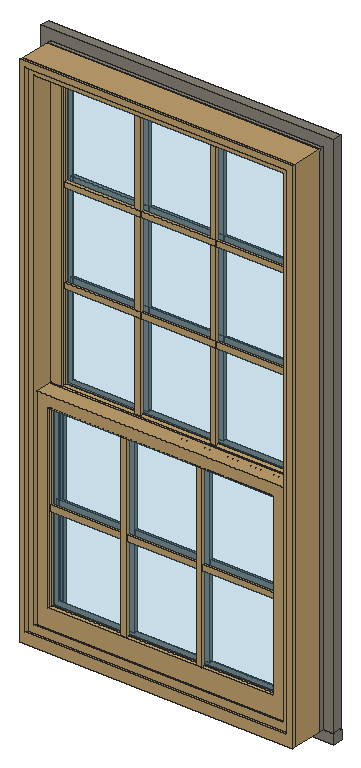
Revit family (continued)
Definition of nested family "Double_Hung_Plan_Detail"
  Dimensions and locks (in)
    aligned and locked: curve 7 to nested 2
    aligned and locked: curve 8 to nested 2
    aligned and locked: nested 2 to curve 7
    aligned and locked: nested 1 to curve 7
    aligned and locked: nested 2 to curve 8
    aligned and locked: nested 1 to curve 8
    aligned and locked: nested 2 to curve 9  (x2)
  Automatic sketch dimensions
    curve 5 to curve 7 = 0' - 0"
    curve 6 to curve 8 = 0' - 0"
    curve 2 to curve 4 = 0' - 0"
    curve 1 to curve 3 = 0' - 0"
    curve 1 to curve 9 = 0' - 0.93714"
  Nested families (in)
    nested 1: "Jamb" at (17.6875, 0, 0) x (-1, 0, 0) z (0, 0, 1), type "Jamb", in view "Ref. Level"
    nested 2: "Jamb" at (-17.6875, 0, 0), type "Jamb", in view "Ref. Level"
  Definition of nested family "Jamb"
    Parameters (values of type "Jamb")
      Flange Visibility = not(Casing)  # no
      Casing = yes
      Assembly Code = ""
    Reference planes (in)
      plane 1 "Center (Front/Back)": y = 0
      plane 2: z = 0
      plane 3 "Center (Left/Right)": x = 0
    Lines and regions (in)
      detail lines, style "Cut Lines", in view "Ref. Level"
        curve 1: line (0, -1.09375, 0) -> (0, 4.5625, 0)
        curve 2: line (1.5, 4.5625, 0) -> (0, 4.5625, 0)
        curve 3: line (1.5, 0.125, 0) -> (1.5, 4.5625, 0)
        curve 4: line (1.78125, 0.125, 0) -> (1.5, 0.125, 0)
        curve 5: line (1.78125, -0.21875, 0) -> (1.78125, 0.125, 0)
        curve 6: line (0.59375, -1.09375, 0) -> (0.66381, -0.625, 0)
        curve 7: line (0, -1.09375, 0) -> (0.59375, -1.09375, 0)
        curve 8: line (1.59375, 1.96875, 0) -> (1.59375, 0.21875, 0)
        curve 9: line (3.0625, 0.21875, 0) -> (1.59375, 0.21875, 0)
        curve 10: line (3.0625, 0.36988, 0) -> (3.0625, 0.21875, 0)
        curve 11: line (3.25, 0.52655, 0) -> (3.0625, 0.36988, 0)
        curve 12: line (2.5, 0.5625, 0) -> (3.25, 0.5625, 0)
        curve 13: line (2.5, 1.53125, 0) -> (2.5, 0.5625, 0)
        curve 14: line (3.25, 1.53125, 0) -> (2.5, 1.53125, 0)
        curve 15: line (3.25, 1.68282, 0) -> (3.25, 1.53125, 0)
        curve 16: line (3.03099, 1.96875, 0) -> (3.03099, 1.90183, 0)
        curve 17: line (1.59375, 1.96875, 0) -> (3.03099, 1.96875, 0)
        curve 18: line (3.25, 0.5625, 0) -> (3.25, 0.52655, 0)
        curve 19: line (3.03099, 1.90183, 0) -> (3.25, 1.68282, 0)
        curve 20: line (2.625, 1.48438, 0) -> (2.625, 0.60937, 0)
        curve 21: line (2.9375, 1.35937, 0) -> (2.9375, 0.73438, 0)
        curve 27: line (1.49386, -0.625, 0) -> (0.66381, -0.625, 0)
        curve 28: line (1.49386, -0.39825, 0) -> (1.49386, -0.625, 0)
        curve 29: line (1.61586, -0.39825, 0) -> (1.49386, -0.39825, 0)
        curve 30: line (1.68786, -0.35, 0) -> (1.68786, -0.601, 0)
        curve 31: line (1.61586, -0.601, 0) -> (1.61586, -0.39825, 0)
        curve 32: line (1.61586, -0.601, 0) -> (1.68786, -0.601, 0)
        curve 33: line (1.59786, -0.21875, 0) -> (1.59786, -0.35, 0)
        curve 34: line (1.59786, -0.35, 0) -> (1.68786, -0.35, 0)
        curve 35: line (0.9375, -0.625, 0) -> (0.9375, -0.21875, 0)
        curve 36: line (0.9375, -0.21875, 0) -> (1.78125, -0.21875, 0)
        curve 37: line (1.59375, 4.21875, 0) -> (1.59375, 2.46875, 0)
        curve 38: line (3.0625, 2.46875, 0) -> (1.59375, 2.46875, 0)
        curve 39: line (3.0625, 2.61988, 0) -> (3.0625, 2.46875, 0)
        curve 40: line (3.25, 2.77655, 0) -> (3.0625, 2.61988, 0)
        curve 41: line (2.5, 2.8125, 0) -> (3.25, 2.8125, 0)
        curve 42: line (2.5, 3.78125, 0) -> (2.5, 2.8125, 0)
        curve 43: line (3.25, 3.78125, 0) -> (2.5, 3.78125, 0)
        curve 44: line (3.25, 3.93282, 0) -> (3.25, 3.78125, 0)
        curve 45: line (3.03099, 4.21875, 0) -> (3.03099, 4.15183, 0)
        curve 46: line (1.59375, 4.21875, 0) -> (3.03099, 4.21875, 0)
        curve 47: line (3.25, 2.8125, 0) -> (3.25, 2.77655, 0)
        curve 48: line (3.03099, 4.15183, 0) -> (3.25, 3.93282, 0)
        curve 49: line (2.625, 3.73438, 0) -> (2.625, 2.85938, 0)
        curve 50: line (2.9375, 3.60937, 0) -> (2.9375, 2.98438, 0)
      detail lines, style "Cut Lines", in view "Ref. Level", visible <- "Flange Visibility"
        curve 22: line (-1.5, 0, 0) -> (-0.15, 0, 0)
        curve 23: line (0, -0.04501, 0) -> (-1.5, -0.04501, 0)
        curve 24: line (-1.5, -0.04501, 0) -> (-1.5, 0, 0)
        curve 25: line (-0.15, 0.10999, 0) -> (0, 0.10999, 0)
        curve 26: line (-0.15, 0, 0) -> (-0.15, 0.10999, 0)
Definition of nested family "Double_Hung_Section_Detail"
  Parameters (values of type "Double_Hung_Section_Detail")
    Subsill Visibility = yes
    Height = 5' - 3 1/2"
    DLO Height Top Sash = 2' - 2 3/4"
    Casing Visibility = yes
    Assembly Code = ""
  Reference planes (in)
    plane 1: z = 0
    plane 2 "Center (Left/Right)": x = 0
    plane 3: y = 31.75
    plane 4: y = 28.53125
    plane 5: y = -31.75
    plane 6: y = -26.90625
    plane 7: y = 1.78125
    plane 8: y = -0.15625
    plane 9: y = 0.8125
  Lines and regions (in)
    detail lines, style "Cut Lines", in view "Ref. Level"
      curve 1: line (-1.48438, 1.15625, 0) -> (-1.48438, 29.15625, 0)
      curve 2: line (-0.60938, 1.15625, 0) -> (-0.60938, 29.15625, 0)
      curve 3: line (-1.35938, 1.15625, 0) -> (-1.35938, 29.15625, 0)
      curve 4: line (-0.73438, 1.15625, 0) -> (-0.73438, 29.15625, 0)
      curve 5: line (-3.73437, -27.53125, 0) -> (-3.73437, 0.46875, 0)
      curve 6: line (-2.85937, -27.53125, 0) -> (-2.85937, 0.46875, 0)
      curve 7: line (-3.60937, -27.53125, 0) -> (-3.60937, 0.46875, 0)
      curve 8: line (-2.98437, -27.53125, 0) -> (-2.98437, 0.46875, 0)
    detail lines, style "DetailComponentsHiddenLines", in view "Ref. Level"
      curve 9: line (0.601, -30.21839, 0) -> (0.601, 30.06214, 0)
  Dimensions and locks (in)
    plane 3 to plane 4 = 0' - 3 7/32"
    plane 5 to plane 6 = 0' - 4 27/32"
    "Height": plane 3 to plane 5
    "DLO Height Top Sash": plane 4 to plane 7
    plane 8 to plane 9 to plane 7 = 0' - 0 31/32" locked, 0' - 0 31/32" locked
    aligned and locked: plane 2 "Center (Left/Right)" to nested 1
    aligned and locked: nested 1 to plane 5
    aligned and locked: plane 2 "Center (Left/Right)" to nested 2
    aligned and locked: plane 3 to nested 2
    aligned and locked: plane 2 "Center (Left/Right)" to nested 3
    aligned and locked: curve 1 to nested 3  (x2)
    aligned and locked: nested 3 to curve 2
    aligned and locked: curve 2 to nested 3
    aligned and locked: curve 3 to nested 3
    aligned and locked: nested 2 to curve 3
    aligned and locked: nested 3 to curve 3
    aligned and locked: curve 4 to nested 3
    aligned and locked: nested 2 to curve 4
    aligned and locked: nested 3 to curve 4
    aligned and locked: curve 5 to nested 1  (x2)
    aligned and locked: nested 1 to curve 6
    aligned and locked: curve 6 to nested 1
    aligned and locked: curve 7 to nested 1
    aligned and locked: curve 8 to nested 1
    aligned and locked: nested 3 to curve 7
    aligned and locked: nested 1 to curve 7
    aligned and locked: nested 1 to curve 8
    aligned and locked: nested 3 to curve 8
    aligned and locked: nested 1 to curve 9  (x2)
    aligned and locked: nested 3 to plane 9
  Automatic sketch dimensions
    curve 4 to curve 2 = 0' - 0 1/8"
    curve 5 to curve 7 = 0' - 0"
    curve 6 to curve 8 = 0' - 0"
    curve 2 to curve 4 = 0' - 0"
    curve 1 to curve 3 = 0' - 0"
    curve 2 to curve 9 = 0' - 0.90589"
  Nested families (in)
    nested 1: "Sill" at (0, -31.75, 0) x (-1, 0, 0) z (0, 0, 1), type "Sill", in view "Ref. Level"
    nested 2: "Head" at (0, 31.75, 0) x (-1, 0, 0) z (0, 0, 1), type "Head", in view "Ref. Level"
    nested 3: "Checkrail" at (0, 0.8125, 0) x (-1, 0, 0) z (0, 0, 1), type "Checkrail", in view "Ref. Level"
  Definition of nested family "Sill"
    Parameters (values of type "Jamb")
      Flange Visibility = not(Casing)  # no
      Casing = yes
      Assembly Code = ""
    Reference planes (in)
      plane 1 "Center (Front/Back)": y = 0
      plane 2: z = 0
      plane 3 "Center (Left/Right)": x = 0
    Lines and regions (in)
      detail lines, style "Cut Lines", in view "Ref. Level"
        curve 1: line (-1.09375, 0, 0) -> (4.5625, 0, 0)
        curve 2: line (4.5625, 2.22769, 0) -> (4.5625, 0, 0)
        curve 3: line (3.3125, 1.6875, 0) -> (4.3125, 1.6875, 0)
        curve 4: line (-1.09375, 0.59375, 0) -> (-0.23437, 0.72218, 0)
        curve 5: line (-1.09375, 0, 0) -> (-1.09375, 0.59375, 0)
        curve 6: line (-0.625, 1.33761, 0) -> (-0.625, 0.78125, 0)
        curve 7: line (-0.39825, 1.33761, 0) -> (-0.625, 1.33761, 0)
        curve 8: line (-0.39825, 1.45961, 0) -> (-0.39825, 1.33761, 0)
        curve 9: line (-0.35, 1.53161, 0) -> (-0.601, 1.53161, 0)
        curve 10: line (-0.601, 1.45961, 0) -> (-0.39825, 1.45961, 0)
        curve 11: line (-0.601, 1.45961, 0) -> (-0.601, 1.53161, 0)
        curve 12: line (-0.25, 1.44161, 0) -> (-0.35, 1.44161, 0)
        curve 13: line (-0.35, 1.44161, 0) -> (-0.35, 1.53161, 0)
        curve 14: line (-0.625, 0.78125, 0) -> (-0.25, 0.78125, 0)
        curve 15: line (-0.25, 0.78125, 0) -> (-0.25, 1.44161, 0)
        curve 16: line (4.21875, 1.90625, 0) -> (2.71875, 1.90625, 0)
        curve 17: line (2.46875, 4.65625, 0) -> (2.46875, 1.55765, 0)
        curve 18: line (2.61988, 4.65625, 0) -> (2.46875, 4.65625, 0)
        curve 19: line (2.77655, 4.84375, 0) -> (2.61988, 4.65625, 0)
        curve 20: line (2.8125, 4.09375, 0) -> (2.8125, 4.84375, 0)
        curve 21: line (3.78125, 4.09375, 0) -> (2.8125, 4.09375, 0)
        curve 22: line (3.78125, 4.84375, 0) -> (3.78125, 4.09375, 0)
        curve 23: line (3.93282, 4.84375, 0) -> (3.78125, 4.84375, 0)
        curve 24: line (4.21875, 4.62474, 0) -> (4.15183, 4.62474, 0)
        curve 25: line (4.21875, 1.90625, 0) -> (4.21875, 4.62474, 0)
        curve 26: line (2.8125, 4.84375, 0) -> (2.77655, 4.84375, 0)
        curve 27: line (4.15183, 4.62474, 0) -> (3.93282, 4.84375, 0)
        curve 28: line (3.73438, 4.21875, 0) -> (2.85938, 4.21875, 0)
        curve 29: line (3.60938, 4.53125, 0) -> (2.98438, 4.53125, 0)
        curve 35: line (4.5625, 2.22769, 0) -> (4.3125, 2.22769, 0)
        curve 36: line (4.3125, 2.22769, 0) -> (4.3125, 1.6875, 0)
        curve 37: line (3.3125, 1.6875, 0) -> (-0.23437, 0.80316, 0)
        curve 38: line (-0.23437, 0.80316, 0) -> (-0.23437, 0.72218, 0)
        curve 39: line (2.46875, 1.55765, 0) -> (2.71875, 1.61998, 0)
        curve 40: line (2.71875, 1.90625, 0) -> (2.71875, 1.61998, 0)
      detail lines, style "Cut Lines", in view "Ref. Level", visible <- "Flange Visibility"
        curve 30: line (-0.04501, -1.25, 0) -> (-0.04501, -0.04688, 0)
        curve 31: line (0, 0, 0) -> (0, -1.25, 0)
        curve 32: line (0, -1.25, 0) -> (-0.04501, -1.25, 0)
        curve 33: line (-0.28125, -0.04688, 0) -> (-0.28125, 0, 0)
        curve 34: line (-0.04501, -0.04688, 0) -> (-0.28125, -0.04688, 0)
  Definition of nested family "Head"
    Parameters (values of type "Head")
      Flange Visibility = not(Casing)  # no
      Casing = yes
      Assembly Code = ""
    Reference planes (in)
      plane 1 "Center (Front/Back)": y = 0
      plane 2: z = 0
      plane 3 "Center (Left/Right)": x = 0
    Lines and regions (in)
      detail lines, style "Cut Lines", in view "Ref. Level"
        curve 1: line (-1.09375, 0, 0) -> (4.5625, 0, 0)
        curve 2: line (4.5625, -0.68686, 0) -> (4.5625, 0, 0)
        curve 3: line (2.06079, -1.5, 0) -> (2.68579, -1.5, 0)
        curve 4: line (0.125, -1.78125, 0) -> (0.125, -1.375, 0)
        curve 5: line (-0.21875, -1.78125, 0) -> (0.125, -1.78125, 0)
        curve 6: line (-1.09375, -0.59375, 0) -> (-0.625, -0.66381, 0)
        curve 7: line (-1.09375, 0, 0) -> (-1.09375, -0.59375, 0)
        curve 8: line (0.75049, -1.5625, 0) -> (0.21875, -1.5625, 0)
        curve 9: line (0.21875, -3.03125, 0) -> (0.21875, -1.5625, 0)
        curve 10: line (0.36988, -3.03125, 0) -> (0.21875, -3.03125, 0)
        curve 11: line (0.52655, -3.21875, 0) -> (0.36988, -3.03125, 0)
        curve 12: line (0.5625, -2.46875, 0) -> (0.5625, -3.21875, 0)
        curve 13: line (1.53125, -2.46875, 0) -> (0.5625, -2.46875, 0)
        curve 14: line (1.53125, -3.21875, 0) -> (1.53125, -2.46875, 0)
        curve 15: line (1.68282, -3.21875, 0) -> (1.53125, -3.21875, 0)
        curve 16: line (1.96875, -2.99974, 0) -> (1.90183, -2.99974, 0)
        curve 17: line (1.96875, -0.81212, 0) -> (1.96875, -2.99974, 0)
        curve 18: line (0.5625, -3.21875, 0) -> (0.52655, -3.21875, 0)
        curve 19: line (1.90183, -2.99974, 0) -> (1.68282, -3.21875, 0)
        curve 20: line (1.48438, -2.59375, 0) -> (0.60938, -2.59375, 0)
        curve 21: line (1.35938, -2.90625, 0) -> (0.73438, -2.90625, 0)
        curve 27: line (-0.625, -1.49386, 0) -> (-0.625, -0.66381, 0)
        curve 28: line (-0.39825, -1.49386, 0) -> (-0.625, -1.49386, 0)
        curve 29: line (-0.39825, -1.61586, 0) -> (-0.39825, -1.49386, 0)
        curve 30: line (-0.35, -1.68786, 0) -> (-0.601, -1.68786, 0)
        curve 31: line (-0.601, -1.61586, 0) -> (-0.39825, -1.61586, 0)
        curve 32: line (-0.601, -1.61586, 0) -> (-0.601, -1.68786, 0)
        curve 33: line (-0.21875, -1.59786, 0) -> (-0.35, -1.59786, 0)
        curve 34: line (-0.35, -1.59786, 0) -> (-0.35, -1.68786, 0)
        curve 35: line (-0.625, -0.9375, 0) -> (-0.21875, -0.9375, 0)
        curve 36: line (-0.21875, -0.9375, 0) -> (-0.21875, -1.78125, 0)
        curve 37: line (4.5625, -0.68686, 0) -> (2.68579, -0.68686, 0)
        curve 38: line (2.68579, -0.68686, 0) -> (2.68579, -1.5, 0)
        curve 39: line (2.06079, -0.68686, 0) -> (0.21875, -0.68686, 0)
        curve 40: line (2.06079, -0.68686, 0) -> (2.06079, -1.5, 0)
        curve 41: line (0.21875, -0.68686, 0) -> (0.21875, -1.1875, 0)
        curve 42: line (0.29688, -1.375, 0) -> (0.125, -1.375, 0)
        curve 43: line (1.96875, -0.81212, 0) -> (0.87453, -0.81212, 0)
        curve 44: line (0.87453, -0.81212, 0) -> (0.87453, -1.25087, 0)
        curve 45: line (0.87453, -1.25087, 0) -> (0.75049, -1.51688, 0)
        curve 46: line (0.75049, -1.51688, 0) -> (0.75049, -1.5625, 0)
        curve 47: line (0.29688, -1.1875, 0) -> (0.29688, -1.375, 0)
        curve 48: line (0.21875, -1.1875, 0) -> (0.29688, -1.1875, 0)
      detail lines, style "Cut Lines", in view "Ref. Level", visible <- "Flange Visibility"
        curve 22: line (0, 1.5, 0) -> (0, 0.15, 0)
        curve 23: line (-0.04501, 0, 0) -> (-0.04501, 1.5, 0)
        curve 24: line (-0.04501, 1.5, 0) -> (0, 1.5, 0)
        curve 25: line (0.10999, 0.15, 0) -> (0.10999, 0, 0)
        curve 26: line (0, 0.15, 0) -> (0.10999, 0.15, 0)
  Definition of nested family "Checkrail"
    Parameters (values of type "Jamb")
      Flange Visibility = not(Casing)  # no
      Casing = yes
      Assembly Code = ""
    Reference planes (in)
      plane 1 "Center (Front/Back)": y = 0
      plane 2: z = 0
      plane 3 "Center (Left/Right)": x = 0
    Lines and regions (in)
      detail lines, style "Cut Lines", in view "Ref. Level"
        curve 1: line (4.21875, 0.75, 0) -> (2.1875, 0.75, 0)
        curve 2: line (2.46875, -0.78125, 0) -> (2.46875, -0.34375, 0)
        curve 3: line (2.61988, -0.78125, 0) -> (2.46875, -0.78125, 0)
        curve 4: line (2.77655, -0.96875, 0) -> (2.61988, -0.78125, 0)
        curve 5: line (2.8125, -0.21875, 0) -> (2.8125, -0.96875, 0)
        curve 6: line (3.78125, -0.21875, 0) -> (2.8125, -0.21875, 0)
        curve 7: line (3.78125, -0.96875, 0) -> (3.78125, -0.21875, 0)
        curve 8: line (3.93282, -0.96875, 0) -> (3.78125, -0.96875, 0)
        curve 9: line (4.21875, -0.74974, 0) -> (4.15183, -0.74974, 0)
        curve 10: line (4.21875, 0.75, 0) -> (4.21875, -0.74974, 0)
        curve 11: line (2.8125, -0.96875, 0) -> (2.77655, -0.96875, 0)
        curve 12: line (4.15183, -0.74974, 0) -> (3.93282, -0.96875, 0)
        curve 13: line (3.73438, -0.34375, 0) -> (2.85938, -0.34375, 0)
        curve 14: line (3.60938, -0.65625, 0) -> (2.98438, -0.65625, 0)
        curve 15: line (2.35938, -0.78125, 0) -> (0.21875, -0.78125, 0)
        curve 16: line (0.21875, 0.78125, 0) -> (0.21875, -0.78125, 0)
        curve 17: line (0.36988, 0.78125, 0) -> (0.21875, 0.78125, 0)
        curve 18: line (0.52655, 0.96875, 0) -> (0.36988, 0.78125, 0)
        curve 19: line (0.5625, 0.21875, 0) -> (0.5625, 0.96875, 0)
        curve 20: line (1.53125, 0.21875, 0) -> (0.5625, 0.21875, 0)
        curve 21: line (1.53125, 0.96875, 0) -> (1.53125, 0.21875, 0)
        curve 22: line (1.68282, 0.96875, 0) -> (1.53125, 0.96875, 0)
        curve 23: line (2.09375, 0.74974, 0) -> (1.90183, 0.74974, 0)
        curve 24: line (2.09375, -0.73437, 0) -> (2.09375, 0.74974, 0)
        curve 25: line (0.5625, 0.96875, 0) -> (0.52655, 0.96875, 0)
        curve 26: line (1.90183, 0.74974, 0) -> (1.68282, 0.96875, 0)
        curve 27: line (1.48438, 0.34375, 0) -> (0.60938, 0.34375, 0)
        curve 28: line (1.35938, 0.65625, 0) -> (0.73438, 0.65625, 0)
        curve 29: line (2.1875, -0.62373, 0) -> (2.1875, 0.75, 0)
        curve 30: line (2.46875, -0.34375, 0) -> (2.23484, -0.34375, 0)
        curve 31: line (2.1875, -0.62373, 0) -> (2.23484, -0.62373, 0)
        curve 32: line (2.23484, -0.62373, 0) -> (2.23484, -0.34375, 0)
        curve 33: line (2.35938, -0.4375, 0) -> (2.35938, -0.78125, 0)
        curve 34: line (2.35938, -0.4375, 0) -> (2.31297, -0.4375, 0)
        curve 35: line (2.31297, -0.4375, 0) -> (2.31297, -0.73437, 0)
        curve 36: line (2.31297, -0.73437, 0) -> (2.09375, -0.73437, 0)
        curve 37: line (-0.53064, 0.34375, 0) -> (-0.24939, 0.34375, 0)
        curve 38: line (-0.53064, -0.40625, 0) -> (-0.53064, 0.34375, 0)
        curve 39: line (-0.24939, -0.40625, 0) -> (-0.53064, -0.40625, 0)
        curve 40: line (-0.24939, 0.34375, 0) -> (-0.24939, -0.40625, 0)
Definition of nested family "Label Annotation 1-16 w"
  Parameters
    Label = ""
    Egress Info = ""
    Description = "3040 Csmt"
  Reference planes (in)
    plane 1: y = 0
    plane 2: x = 0
  Text (in)
    label "Description Egress Info" at (0.00375, -0.00345, 0), shows "Description", "Egress Info"
